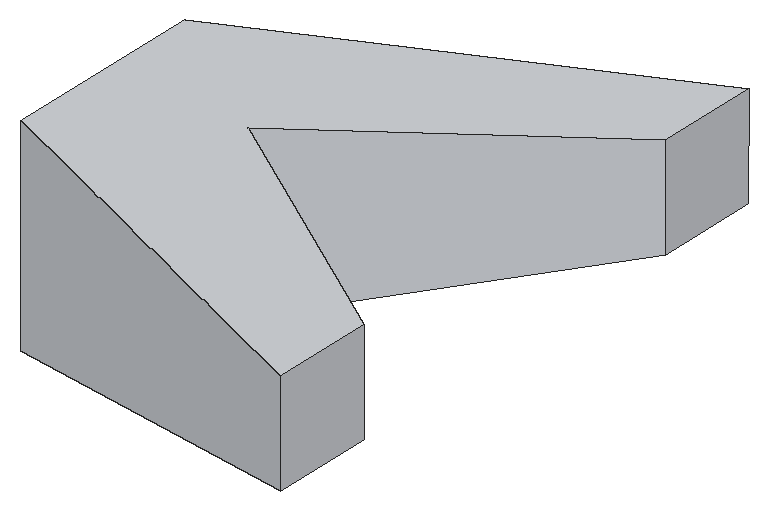
Revit family "M_Rectangular Pants - Reducing", category Duct Fittings, Revit 2014
Parameters (values of type "Standard")
  Duct Width 3 [instance] = 150 mm
  Duct Width 2 [instance] = 150 mm
  Duct Width 1 [instance] = 300 mm
  Duct Length 3 [instance] = Duct Width 1 / 2 + Duct Width 3 / 2 + 50 mm  # 275 mm
  Duct Length 2 [instance] = Duct Width 1 / 2 + Duct Width 2 / 2 + 50 mm  # 275 mm
  Duct Length 1 [instance] = Duct Width 1 * 2  # 600 mm
  Duct Height 3 [instance] = 150 mm
  Duct Height 2 [instance] = 150 mm
  Duct Height 1 [instance] = 300 mm
Reference planes
  plane 1 "Center (Front/Back)": y = 0
  plane 2: z = 0
  plane 3 "Center (Left/Right)": x = 0
  plane 4: x = 600
  plane 5: y = 275
  plane 6: y = -275
  plane 7: y = 425
  plane 8: y = -425
  plane 9: z = 150
  plane 10: z = -150
  plane 11: y = 150
  plane 12: y = -150
  plane 13: y = 350
  plane 14: y = -350
  plane 15: z = 0
  plane 16: z = 0
Forms (mm)
  Blend 1, solid, detail levels medium+fine
    base sketch origin (0, 0, 0) x (0, 1, 0) y (0, 0, 1)
      loop
        line (150, 150) -> (-150, 150) -> (-150, -150) -> (150, -150) -> (150, 150)
    top sketch origin (0, 0, 0) x (0, 1, 0) y (0, 0, 1)
      loop
        line (425, 150) -> (275, 150) -> (275, 0) -> (425, 0) -> (425, 150)
    from 0 to 600
  Blend 2, solid, detail levels medium+fine
    base sketch origin (0, 0, 0) x (0, 1, 0) y (0, 0, 1)
      loop
        line (150, 150) -> (-150, 150) -> (-150, -150) -> (150, -150) -> (150, 150)
    top sketch origin (0, 0, 0) x (0, 1, 0) y (0, 0, 1)
      loop
        line (-275, 150) -> (-425, 150) -> (-425, 0) -> (-275, 0) -> (-275, 150)
    from 0 to 600
Cuts and joins
  joined: Blend 1, Blend 2
Lines and regions (mm)
  model lines, detail levels coarse
    curve 1: line (600, 350, 0) -> (0, 0, 0)
    curve 2: line (0, 0, 0) -> (600, -350, 0)
Dimensions and locks
  "Duct Length 1": plane 3 "Center (Left/Right)" to plane 4
  "Duct Length 2": plane 5 to plane 1 "Center (Front/Back)"
  "Duct Length 3": plane 1 "Center (Front/Back)" to plane 6
  "Duct Width 2": plane 7 to plane 5
  "Duct Width 3": plane 6 to plane 8
  equal spacing: plane 9, plane 2, plane 10
  "Duct Height 1": plane 9 to plane 10
  equal spacing: plane 11, plane 1 "Center (Front/Back)", plane 12
  "Duct Width 1": plane 11 to plane 12
  equal spacing: plane 7, plane 13, plane 5
  equal spacing: plane 6, plane 14, plane 8
  "Duct Height 2": plane 9 to plane 15
  "Duct Height 3": plane 9 to plane 16
  aligned and locked: plane 11 to Blend 1 sketch curve
  aligned and locked: plane 9 to Blend 1 sketch curve  (x2)
  aligned and locked: plane 10 to Blend 1 sketch curve
  aligned and locked: plane 12 to Blend 1 sketch curve
  aligned and locked: plane 7 to Blend 1 sketch curve
  aligned and locked: plane 15 to Blend 1 sketch curve
  aligned and locked: plane 5 to Blend 1 sketch curve
  aligned and locked: Blend 1 to plane 3 "Center (Left/Right)"
  aligned and locked: plane 4 to Blend 1
  aligned and locked: Blend 2 sketch curve to plane 12
  aligned and locked: plane 10 to Blend 2 sketch curve
  aligned and locked: plane 11 to Blend 2 sketch curve
  aligned and locked: Blend 2 sketch curve to plane 9
  aligned and locked: plane 6 to Blend 2 sketch curve
  aligned and locked: plane 9 to Blend 2 sketch curve
  aligned and locked: plane 16 to Blend 2 sketch curve
  aligned and locked: plane 8 to Blend 2 sketch curve
  aligned and locked: Blend 2 to plane 3 "Center (Left/Right)"
  aligned and locked: plane 4 to Blend 2
  aligned and locked: Blend 1 to plane 4
  aligned and locked: plane 4 to curve 1
  aligned and locked: plane 13 to curve 1
  aligned and locked: plane 3 "Center (Left/Right)" to curve 1
  aligned and locked: plane 1 "Center (Front/Back)" to curve 1
  aligned and locked: plane 14 to curve 2
  aligned and locked: plane 4 to curve 2
Connectors
  hvac at (0, 0, 0), driven by "Duct Height 1", driven by "Duct Width 1"
    settings: on cut or joined group of Blend 1, Blend 2, index 1, duct flow 0.0 L/s, flow factor 0, pres drop 0.0 Pa, loss coef 0, conn angle 0.00°, conn width 300 mm, conn height 300 mm, conn diameter 609.6 mm, duct sys type 28, conn prof type 1, flow config 0, flow direction 0, loss method 0, conn ref index -1, conn util no, is conn primary yes, conn desc ""
  hvac at (600, 350, 75), driven by "Duct Width 2", driven by "Duct Height 2"
    settings: on cut or joined group of Blend 1, Blend 2, index 2, duct flow 0.0 L/s, flow factor 0, pres drop 0.0 Pa, loss coef 0, conn angle 0.00°, conn width 150 mm, conn height 150 mm, conn diameter 609.6 mm, duct sys type 28, conn prof type 1, flow config 0, flow direction 0, loss method 0, conn ref index -1, conn util no, is conn primary no, conn desc ""
  hvac at (600, -350, 75), driven by "Duct Width 3", driven by "Duct Height 3"
    settings: on cut or joined group of Blend 1, Blend 2, index 3, duct flow 0.0 L/s, flow factor 0, pres drop 0.0 Pa, loss coef 0, conn angle 0.00°, conn width 150 mm, conn height 150 mm, conn diameter 609.6 mm, duct sys type 28, conn prof type 1, flow config 0, flow direction 0, loss method 0, conn ref index -1, conn util no, is conn primary no, conn desc ""
